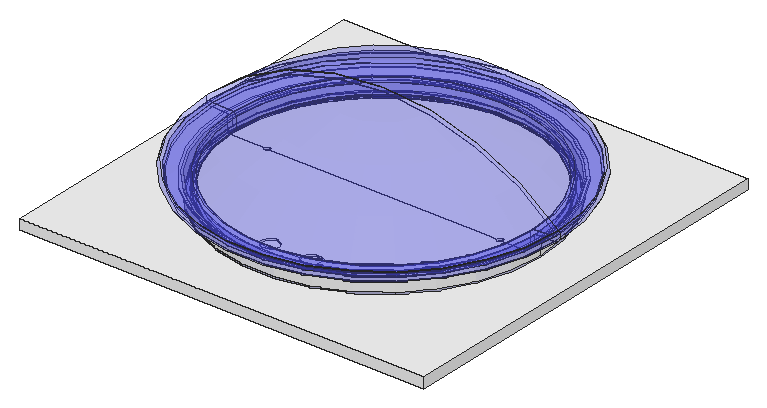
Revit family "BE_50733P_de_DE", category Leuchten, Revit 2020
Family settings
  Basisbauteil = Fläche
  Bemaßung runder Anschluss = Durchmesser verwenden
  Teiletyp = Normal
  Beim Laden mit Abzugskörper schneiden = Ja
  Lichtquelle = Ja
  Gemeinsam genutzt = Nein
  Raumberechnungspunkt = Ja
Parameters (values of type "BEGA_50733P_K4")
  built-in parameter 1150104 = 11.585 (stored number, unit not read)
  Wattage = 16.8 W
  Default Elevation = 0 mm
  built-in parameter 1150113 = 1 (stored number, unit not read)
  built-in parameter 1114218 = 1 (stored number, unit not read)
  Umgebungstemperatur = "25 °C"
  URL = "https://www.bega.com/de/produkt/50733P"
  Typenkommentare = "© 2022 BEGA. Wir behalten uns das Recht vor, technische Änderungen ohne vorherige Ankündigung vorzunehmen."  # constant formula
  built-in parameter 1150134 = (empty or 0)
  built-in parameter 1150109 = 1 (stored number, unit not read)
  Strom = ""
  built-in parameter 1150110 = 1 (stored number, unit not read)
  Spannung = 239.996 V
  Sonderanfertigung = no
  Seriennummer [instance] = "Hier können Sie die eindeutige Seriennummer für das Facility Management eintragen."
  Schutzklasse = "I"
  Schutzart = "IP 20"
  Scheinlast = 0 VA
  Produktdatenblatt = "http://www.bega.de/download/Xrfa/db/50733P.db.de.pdf"
  Oberflächentemperatur = ""
  Neigungswinkel = 0.00°
  Model = "50733PK2"
  Material_17 = BEGA_Reflektor
  Material_15 = BEGA_Leuchtmedium_matt
  Material_14 = BEGA_Kunststoff_opal
  Material_11 = BEGA_Glas_opal
  Material_09 = BEGA_Glas_klar
  Material_06 = BEGA_Oberfläche_Edelstahl_gebürstet
  Material_03 = BEGA_Oberfläche_Weiss_matt
  Material_02 = BEGA_Oberfläche_Silber_matt
  Material_01 [instance] = BEGA_Oberfläche_Grafit_matt
  M_W = no
  M_G = no
  M_A = no
  Logo = 0
  built-in parameter 1114217 = 1 (stored number, unit not read)
  built-in parameter 1150139 = (empty or 0)
  built-in parameter 1150105 = 613.92 (stored number, unit not read)
  built-in parameter 1150114 = 1 (stored number, unit not read)
  Lumens = 2094.96 lm
  built-in parameter 1150115 = 1 (stored number, unit not read)
  Leuchtenlichtstrom = "1639 lm"
  Leuchtenanzahl = ""
  Lebensdauerkriterien = "L70B50 @ 25 °C = 200000 h"
  Lastklassifizierung = Beleuchtung
  built-in parameter 1150112 = 1 (stored number, unit not read)
  Lampenlichtstrom = "2095 lm"
  Lampe = "LED 16.8 W"
  LED_Modulbezeichnung = "LED-0511/927"
  Hersteller = "BEGA"  # constant formula
  Halbstreuwinkel = ""
  Gewicht = "2.7 kg"
  Gebrauchslageneinschränkung [instance] = ""
  Frequenz = "50/60 Hz"
  Farbwiedergabeindex = "CRI > 90"
  Farbtemperaturverschiebung bei Dämpfen der Lampe = <Keine Auswahl>
  Farbtemperatur = "2700 K"
  Color Filter = 16777215
  built-in parameter 1150133 = 10 (stored number, unit not read)
  Energieeffizienzklasse = "LED A++ - A"
  built-in parameter 1150137 = (empty or 0)
  built-in parameter 1150132 = (empty or 0)
  ENEC = ""
  Dimmbar [instance] = ""
  Photometric Web File = "BE_50733PK2_Notbetrieb.IES"
  CE_Konformität = "ja"
  Bestellnummer = "50733PK2"
  Beschreibung_Sonderanfertigung = "Hier können Sie Informationen zur Sonderanfertigung eintragen."
  Beschreibung = "Decken- und Wandleuchte"
  built-in parameter 1150106 = 6.1392 (stored number, unit not read)
  Befestigungsbohrung = "Ø 5,5 mm"
  Befestigungsabstand = "230 mm"
  Ballwurfsicher = ""
  BEGA_Intern_aus = yes
  BEGA_Intern_an = yes
  BEGA_Intern_Konstruktion = yes
  BEGA_Intern = yes
  BEGA_IES = yes
  BEGA_Dummy = no
  Anschlussleitung = ""
  Anschlussleistung [instance] = "21.5 W"
  Anschlusskasten = ""
  built-in parameter 1150107 = 2700 (stored number, unit not read)
  built-in parameter 1150102 = (empty or 0)
  built-in parameter 1150138 = (empty or 0)
  Aktualisierung = "2020-09-04T04:00:14"
  Abstand_zur_angestrahlten_Fläche [instance] = ""
  AC/DC = "AC"
Types (3, lengths in mm): name | built-in parameter 1150104 | built-in parameter 1150134 | Model | built-in parameter 1150105 | Lumens | Leuchtenlichtstrom | Lampenlichtstrom | LED_Modulbezeichnung | Farbtemperatur | Photometric Web File | Bestellnummer | built-in parameter 1150106 | built-in parameter 1150107
  BEGA_50733P_K4 | 12.087 (stored number, unit not read) | 12 | "50733PK4" | 640.61 (stored number, unit not read) | 2185.68 lm | "1709 lm" | "2185 lm" | "LED-0511/940" | "4000 K" | "BE_50733PK4.IES" | "50733PK4" | 6.4061 (stored number, unit not read) | 4000 (stored number, unit not read)
  BEGA_50733P_K3 | 11.669 (stored number, unit not read) | (empty or 0) | "50733PK3" | 618.45 (stored number, unit not read) | 2110.08 lm | "1651 lm" | "2110 lm" | "LED-0511/930" | "3000 K" | "BE_50733PK3.IES" | "50733PK3" | 6.1845 (stored number, unit not read) | 3000 (stored number, unit not read)
  BEGA_50733P_K27 | 12.087 (stored number, unit not read) | 12 | "50733PK27" | 640.61 (stored number, unit not read) | 2185.68 lm | "1639 lm" | "2095 lm" | "LED-0511/927" | "2700 K" | "BE_50733PK27.IES" | "50733PK27" | 6.4061 (stored number, unit not read) | 4000 (stored number, unit not read)
Reference planes
  plane 1 "Mitte (Vorne/Hinten)": y = 0
  plane 2: z = 0
  plane 3 "Mitte (Links/Rechts)": x = 0
  plane 4 "Links": x = -175.231
  plane 5 "Rechts": x = 175.231
  plane 6 "Unten": y = -175.2
  plane 7 "Oben": y = 175.2
  plane 8 "Vorne": z = 98.326
  plane 9 "Hinten": z = 0
Forms (mm)
  Extrusion 1, solid, material "BEGA_Platte_Weiss"
    sketch origin (0, -1119.2, 0) x (1, 0, 0) y (0, 1, 0)
      loop
        line (-200, 1319.2) -> (-200, 919.2) -> (200, 919.2) -> (200, 1319.2) -> (-200, 1319.2)
    from 0 to -10
  Extrusion 2, solid, material "BEGA_Dummy_matt", visible <- "BEGA_Dummy"
    sketch origin (76.9, -76.023, 0.018) x (1, 0, 0) y (0, 1, 0)
      loop
        circle (-77.149, 76.023) r 175
    from 0 to 98.307
Dimensions and locks
  plane 1 "Mitte (Vorne/Hinten)" to Extrusion 1 = 200 mm
  aligned and locked: plane 2 to Extrusion 1
  aligned and locked: level to Extrusion 1
Nested families
  nested 1: "BE_50733P" at (0, 0, 0) x (0, -1, 0) z (0, 0, 1), type "BE_50733P"
Connectors
  electrical at (0, 0, 0), driven by "Lastklassifizierung", driven by "Spannung", driven by "Scheinlast"
    settings: index 1, voltage 239.996 V, apparent load 0 VA, apparent load phase1 0 VA, apparent load phase2 0 VA, apparent load phase3 0 VA, power factor 1, load classification "Beleuchtung", number of poles 1, system type 31, power factor state 1, is connector primary yes, connector utility no, sub classification motor no, connector description ""
Definition of nested family "BE_50733P"
  Parameters (values of type "BE_50733P")
    Default Elevation = 1 mm
    URL = "http://www.bega.de/de/produkt"
    Type Comments = "© 2015 BEGA. Wir behalten uns das Recht vor, technische Änderungen ohne vorherige Ankündigung vorzunehmen. "  # constant formula
    Type Image = (empty or 0)
    Neigungswinkel_um_Z2 = 0.00°
    Neigungswinkel_um_Z1 = 0.00°
    Neigungswinkel_um_Y2 = 0.00°
    Neigungswinkel_um_Y1 = 0.00°
    Neigungswinkel_um_X2 = 0.00°
    Neigungswinkel_um_X1 = 0.00°
    Material_17 = none
    Material_15 = none
    Material_14 = none
    Material_11 = none
    Material_09 = none
    Material_06 = none
    Material_05 = none
    Material_03 = none
    Material_02 = none
    Material_01 = none
    M_W = yes
    M_G = yes
    M_A = yes
    Länge_Platte = 500 mm  # constant formula
    Höhe_Platte = -10 mm  # constant formula
    Manufacturer = "BEGA"  # constant formula
    Drehwinkel_um_Z2 = 0.00°
    Drehwinkel_um_Z1 = 0.00°
    Breite_Platte = 500 mm  # constant formula
  Reference planes
    plane 1 "Mitte (Oben/Unten)": y = 0
    plane 2: z = 0
    plane 3 "Mitte (Links/Rechts)": x = 0
    plane 4: y = 175.231
    plane 5: z = 98.4
    plane 6: y = -175.231
    plane 7: x = -175.2
    plane 8: x = 175.2
  Forms (mm)
    Extrusion 1, solid, detail levels medium
      sketch origin (0, 0, 0) x (1, 0, 0) y (0, 1, 0)
        loop
          line (-250, 250) -> (-250, -250) -> (250, -250) -> (250, 250) -> (-250, 250)
      from 0 to -10 <- "Höhe_Platte"
    Revolve 2, solid, material <- "Material_03", detail levels medium+fine
      sketch origin (0, 0, 0) x (0, 1, 0) y (0, 0, 1)
        loop
          line (159, 19.8) -> (159, 20.8) -> (156.831, 20.8)
          arc (156.831, 20.8) -> (155.563, 20.284) -> (155.024, 19.025) r 1.8
          line (155.024, 19.025) -> (154.767, 4.283)
          arc (154.767, 4.283) -> (154.468, 3.587) -> (153.767, 3.3) r 1
          line (153.767, 3.3) -> (0, 3.3) -> (0, 2.3) -> (153.767, 2.3)
          arc (153.767, 2.3) -> (155.169, 2.873) -> (155.767, 4.265) r 2
          line (155.767, 4.265) -> (156.024, 19.01)
          arc (156.024, 19.01) -> (156.264, 19.571) -> (156.829, 19.8) r 0.8
          line (156.829, 19.8) -> (159, 19.8)
        axis (0, 2.3) -> (0, 20.8)
      angle from 0 to 360
    Revolve 3, solid, material <- "Material_03", detail levels medium+fine
      sketch origin (0, 0, 0) x (0, 1, 0) y (0, 0, 1)
        loop
          arc (124.13, 1.943) -> (124.474, 2.206) -> (124.896, 2.3) r 1
          line (124.896, 2.3) -> (125.896, 3.3) -> (117.75, 3.3) -> (117.75, 0) -> (121.108, 0)
          arc (121.108, 0) -> (122.369, 0.281) -> (123.395, 1.067) r 3
          line (123.395, 1.067) -> (124.13, 1.943)
        axis (115, 3.3) -> (115, 0)
      angle from 0 to 360
    Revolve 4, solid, material <- "Material_03", detail levels medium+fine
      sketch origin (0, 0, 0) x (0, -1, 0) y (0, 0, 1)
        loop
          arc (124.13, 1.943) -> (124.474, 2.206) -> (124.896, 2.3) r 1
          line (124.896, 2.3) -> (125.896, 3.3) -> (117.75, 3.3) -> (117.75, 0) -> (121.108, 0)
          arc (121.108, 0) -> (122.369, 0.281) -> (123.395, 1.067) r 3
          line (123.395, 1.067) -> (124.13, 1.943)
        axis (115, 3.3) -> (115, 0)
      angle from 0 to 360
    Extrusion 5, void
      sketch origin (0, 0, 0) x (1, 0, 0) y (0, 1, 0)
        loop
          circle (115, 20) r 8.5
        loop
          circle (115, -20) r 8.5
        loop
          circle (0, 115) r 2.75
        loop
          circle (0, -115) r 2.75
      from 1.096 to 7.205
    Revolve 6, solid, material <- "Material_14", detail levels medium+fine
      sketch origin (0, 0, 0) x (0, 1, 0) y (0, 0, 1)
        loop
          line (153.75, 4.9) -> (153.75, 8.389)
          arc (153.75, 8.389) -> (153.616, 8.889) -> (153.25, 9.256) r 1
          line (153.25, 9.256) -> (149.499, 11.421)
          arc (149.499, 11.421) -> (149.133, 11.787) -> (149, 12.287) r 1
          line (149, 12.287) -> (149, 19.451)
          arc (149, 19.451) -> (149.277, 20.142) -> (149.956, 20.45) r 1
          line (149.956, 20.45) -> (169.559, 21.477)
          arc (169.559, 21.477) -> (174.894, 25.484) -> (173.228, 31.944) r 6
          arc (173.228, 31.944) -> (92.769, 81.216) -> (0, 98.4) r 258.999
          line (0, 98.4) -> (0, 94.4)
          arc (0, 94.4) -> (91.33, 77.483) -> (170.543, 28.978) r 255
          arc (170.543, 28.978) -> (171.123, 26.82) -> (169.341, 25.472) r 2
          line (169.341, 25.472) -> (148.791, 24.394)
          arc (148.791, 24.394) -> (146.425, 23.461) -> (145.1, 21.289) r 4
          line (145.1, 21.289) -> (145.1, 11.074)
          arc (145.1, 11.074) -> (145.5, 9.577) -> (146.592, 8.479) r 3.001
          line (146.592, 8.479) -> (148.263, 7.514)
          arc (148.263, 7.514) -> (149.358, 6.407) -> (149.75, 4.9) r 3.002
          line (149.75, 4.9) -> (153.75, 4.9)
        axis (0, 98.4) -> (0, 4.9)
      angle from 0 to 360
  Cuts and joins
    Extrusion 5 cuts Revolve 2
    Extrusion 5 cuts Revolve 3
    Extrusion 5 cuts Revolve 4
    joined: Revolve 2, Revolve 3, Revolve 4
  Dimensions and locks
    equal spacing: Extrusion 1 sketch curve, plane 3 "Mitte (Links/Rechts)", Extrusion 1 sketch curve
    equal spacing: Extrusion 1 sketch curve, plane 1 "Mitte (Oben/Unten)", Extrusion 1 sketch curve
    "Länge_Platte": Extrusion 1 sketch curve to Extrusion 1 sketch curve
    "Breite_Platte": Extrusion 1 sketch curve to Extrusion 1 sketch curve
    aligned and locked: Extrusion 1 to plane 2
    aligned and locked: level to Extrusion 1
  Automatic sketch dimensions
    Revolve 3 sketch curve to level = 0 mm
    level to Revolve 3 sketch curve = 3.3 mm
    Revolve 3 sketch curve to Revolve 3 sketch curve = 3.351 mm
    Revolve 3 sketch curve to Revolve 3 sketch curve = 0.007 mm
    level to Revolve 3 sketch curve = 1.067 mm
    Revolve 3 sketch curve to Revolve 3 sketch curve = 2.287 mm
    level to Revolve 3 sketch curve = 2.3 mm
    Revolve 3 sketch curve to Revolve 3 sketch curve = 1.501 mm
    Revolve 3 sketch curve to Revolve 3 sketch curve = 0 mm  (x2)
    Revolve 3 sketch curve to Revolve 3 sketch curve = 1 mm  (x2)
    Revolve 3 sketch curve to Revolve 3 sketch curve = 2.75 mm
    level to Revolve 3 sketch curve = 1.943 mm
    Revolve 3 sketch curve to Revolve 3 sketch curve = 0.766 mm
    Revolve 3 sketch curve to level = 2.001 mm
    Revolve 3 sketch curve to Revolve 3 sketch curve = 2 mm
    Revolve 4 sketch curve to level = 0 mm
    Revolve 4 sketch curve to level = 3.3 mm
    Revolve 4 sketch curve to Revolve 4 sketch curve = 3.351 mm
    Revolve 4 sketch curve to Revolve 4 sketch curve = 0.007 mm
    Revolve 4 sketch curve to level = 1.067 mm
    Revolve 4 sketch curve to Revolve 4 sketch curve = 2.287 mm
    Revolve 4 sketch curve to level = 2.3 mm
    Revolve 4 sketch curve to Revolve 4 sketch curve = 1.501 mm
    Revolve 4 sketch curve to Revolve 4 sketch curve = 0 mm  (x2)
    Revolve 4 sketch curve to Revolve 4 sketch curve = 1 mm  (x2)
    Revolve 4 sketch curve to Revolve 4 sketch curve = 2.75 mm
    Revolve 4 sketch curve to level = 1.943 mm
    Revolve 4 sketch curve to Revolve 4 sketch curve = 0.766 mm
    level to Revolve 4 sketch curve = 2.001 mm
    Revolve 4 sketch curve to Revolve 4 sketch curve = 2 mm
    Revolve 3 sketch curve to plane 1 "Mitte (Oben/Unten)" = 117.75 mm
    Revolve 4 sketch curve to plane 1 "Mitte (Oben/Unten)" = 117.75 mm
    Revolve 2 sketch curve to Revolve 2 sketch curve = 0 mm  (x11)
    Revolve 2 sketch curve to plane 1 "Mitte (Oben/Unten)" = 0 mm  (x2)
    level to Revolve 2 sketch curve = 4.3 mm
    level to Revolve 2 sketch curve = 4.283 mm
    Revolve 2 sketch curve to Revolve 2 sketch curve = 1 mm  (x4)
    Revolve 2 sketch curve to Revolve 2 sketch curve = 0.257 mm
    Revolve 2 sketch curve to Revolve 2 sketch curve = 0.8 mm
    Revolve 2 sketch curve to Revolve 2 sketch curve = 0.004 mm
    Revolve 2 sketch curve to Revolve 2 sketch curve = 0.002 mm
    Revolve 2 sketch curve to Revolve 2 sketch curve = 2.169 mm
    Revolve 2 sketch curve to Revolve 2 sketch curve = 14.717 mm
    Revolve 2 sketch curve to Revolve 2 sketch curve = 0.01 mm
    Revolve 2 sketch curve to Revolve 2 sketch curve = 0.015 mm
    level to Revolve 2 sketch curve = 4.265 mm
    Revolve 2 sketch curve to Revolve 2 sketch curve = 4 mm
    Revolve 6 sketch curve to Revolve 6 sketch curve = 0 mm  (x13)
    Revolve 6 sketch curve to plane 1 "Mitte (Oben/Unten)" = 0 mm  (x3)
    plane 1 "Mitte (Oben/Unten)" to Revolve 6 sketch curve = 0 mm
    level to Revolve 6 sketch curve = 8.479 mm
    Revolve 6 sketch curve to Revolve 6 sketch curve = 1.492 mm
    Revolve 6 sketch curve to Revolve 6 sketch curve = 0.156 mm
    Revolve 6 sketch curve to Revolve 6 sketch curve = 1.509 mm
    level to Revolve 6 sketch curve = 7.514 mm
    Revolve 6 sketch curve to Revolve 6 sketch curve = 1.671 mm
    Revolve 6 sketch curve to Revolve 6 sketch curve = 3.9 mm
    level to Revolve 6 sketch curve = 11.421 mm
    Revolve 6 sketch curve to Revolve 6 sketch curve = 1.397 mm
    Revolve 6 sketch curve to Revolve 6 sketch curve = 3.001 mm
    Revolve 6 sketch curve to Revolve 6 sketch curve = 0.956 mm
    Revolve 6 sketch curve to Revolve 6 sketch curve = 0.044 mm
    Revolve 6 sketch curve to Revolve 6 sketch curve = 0.501 mm
    Revolve 6 sketch curve to Revolve 6 sketch curve = 3.251 mm
    Revolve 6 sketch curve to Revolve 6 sketch curve = 1 mm
    Revolve 6 sketch curve to Revolve 6 sketch curve = 19.275 mm
    level to Revolve 6 sketch curve = 25.472 mm
    Revolve 6 sketch curve to Revolve 6 sketch curve = 0.11 mm
    level to Revolve 6 sketch curve = 21.477 mm
    Revolve 6 sketch curve to Revolve 6 sketch curve = 0.219 mm
    Revolve 6 sketch curve to Revolve 6 sketch curve = 2.591 mm
    Revolve 6 sketch curve to level = 160.599 mm
    Revolve 6 sketch curve to Revolve 6 sketch curve = 3.489 mm
    Revolve 6 sketch curve to Revolve 6 sketch curve = 0.348 mm
    Revolve 6 sketch curve to Revolve 6 sketch curve = 0.866 mm  (x2)
    Revolve 6 sketch curve to Revolve 6 sketch curve = 7.164 mm
    Revolve 6 sketch curve to Revolve 6 sketch curve = 0.949 mm
    Revolve 6 sketch curve to Revolve 6 sketch curve = 0.05 mm
    Revolve 6 sketch curve to Revolve 6 sketch curve = 0.889 mm
    Revolve 6 sketch curve to Revolve 6 sketch curve = 1.997 mm
    level to Revolve 6 sketch curve = 94.4 mm
    Revolve 6 sketch curve to Revolve 6 sketch curve = 4 mm
    Revolve 6 sketch curve to Revolve 6 sketch curve = 0.209 mm
    Revolve 6 sketch curve to Revolve 6 sketch curve = 0.499 mm
    Revolve 6 sketch curve to Revolve 6 sketch curve = 0.5 mm
    level to Revolve 6 sketch curve = 9.256 mm
    Revolve 6 sketch curve to Revolve 6 sketch curve = 0.07 mm
    Extrusion 5 sketch curve to plane 3 "Mitte (Links/Rechts)" = 0 mm  (x2)
    plane 1 "Mitte (Oben/Unten)" to Extrusion 5 sketch curve = 20 mm
    Extrusion 5 sketch curve to plane 1 "Mitte (Oben/Unten)" = 20 mm
    plane 3 "Mitte (Links/Rechts)" to Extrusion 5 sketch curve = 115 mm
    Extrusion 5 sketch curve to Extrusion 5 sketch curve = 0 mm
    Revolve 2 sketch curve to plane 1 "Mitte (Oben/Unten)" = 153.767 mm
    Extrusion 5 sketch curve to plane 1 "Mitte (Oben/Unten)" = 115 mm
    Revolve 6 sketch curve to plane 1 "Mitte (Oben/Unten)" = 145.1 mm
    plane 1 "Mitte (Oben/Unten)" to Extrusion 5 sketch curve = 115 mm
    Revolve 6 sketch curve to Revolve 6 sketch curve = 26.07 mm
    radius of Extrusion 5 sketch curve = 8.5 mm  (x2)
    radius of Extrusion 5 sketch curve = 2.75 mm  (x2)
